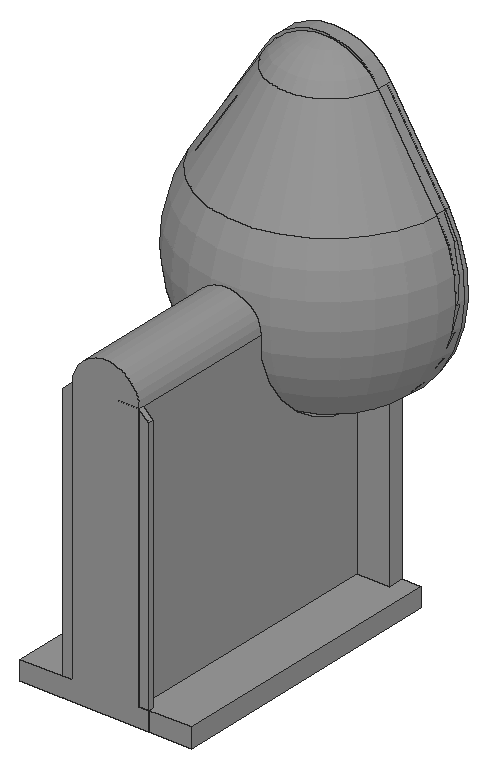
Revit family "Toilet-Willoughby-1490-HET-ETW-FM-TS", category Plumbing Fixtures, host Face, Revit 2014
Parameters (values of type "Standard")
  Waste DIA = 2 1/4"
  Waste Connection = yes
  W-RAD [instance] = Waste DIA / 2  # 0' - 1 1/8"
  Vent Connection = no
  URL = "www.willoughby-ind.com"
  Type Comments = ""
  Revision = "A"
  Model = "ETW-1490-HET-FM-TS"
  Manufacturer = "Willoughby Industries"
  HW Connection = no
  Flush inlet DIA = 1 1/2"
  Flush Inlet Connection = yes
  Fixture Body = Stainless Steel AISI 304-Willoughby
  F-RAD [instance] = Flush inlet DIA / 2  # 0' - 0 3/4"
  Description = "Floor Mounted Toilet"
  Default Elevation = 0' - 0"
  Contact Number = "(800) 428-4065"
  CW Connection = no
Reference planes (in)
  plane 1 "Base": y = -16.25
  plane 2: z = 0
  plane 3 "Center": x = 18.31072
  plane 4 "Waste height": y = -4.75
  plane 5: y = -1.25
  plane 6: y = -2.125
  plane 7: x = 16.56072
  plane 8: x = 20.06072
  plane 9: x = 13.81072
  plane 10: x = 22.81072
  plane 11: z = 2.70924
Forms (in)
  Extrusion 1, solid, material "Stainless Steel AISI 304-Willoughby" <- "Fixture Body"
    sketch origin (16.08109, 7.47968, -7.1422) x (-1, 0, 0) y (0, 0, -1)
      loop
        line (1.29775, -16.80087) -> (1.29775, -7.1422) -> (-5.72963, -7.1422) -> (-5.72963, -16.81676)
        arc (-5.72963, -16.81676) -> (-8.98136, -21.11843) -> (-8.21015, -26.45542) r 7
        line (-8.21015, -26.45542) -> (-5.16818, -31.31054)
        arc (-5.16818, -31.31054) -> (-2.20225, -32.95225) -> (0.76368, -31.31054) r 3.5
        line (0.76368, -31.31054) -> (3.80565, -26.45542)
        arc (3.80565, -26.45542) -> (4.5729, -21.10311) -> (1.29775, -16.80087) r 7
      loop
        arc (2.03989, -24.70557) -> (-2.20225, -18.23804) -> (-6.44438, -24.70557) r 4.625
        line (-6.44438, -24.70557) -> (-4.04125, -30.23842)
        arc (-4.04125, -30.23842) -> (-2.20225, -31.45225) -> (-0.36324, -30.23842) r 2
        line (-0.36324, -30.23842) -> (2.03989, -24.70557)
    from 8.72968 to 9.5
  Revolve 2, solid, material "Stainless Steel AISI 304-Willoughby" <- "Fixture Body"
    sketch origin (19.37981, -1.52032, -3.93365) x (-1, 0, 0) y (0, 0, -1)
      loop
        line (1.06174, -12.59906) -> (1.06174, -12.84906)
        arc (1.06174, -12.84906) -> (6.96784, -16.33096) -> (6.78077, -23.18447) r 6.75
        line (6.78077, -23.18447) -> (3.81535, -27.91457)
        arc (3.81535, -27.91457) -> (2.63527, -29.03194) -> (1.06174, -29.43826) r 3.25
        line (1.06174, -29.43826) -> (1.06174, -29.68826)
        arc (1.06174, -29.68826) -> (2.75672, -29.25045) -> (4.02767, -28.04656) r 3.5
        line (4.02767, -28.04656) -> (7.06964, -23.19143)
        arc (7.06964, -23.19143) -> (7.15052, -16.14555) -> (1.06174, -12.59906) r 7
      axis (1.06174, -12.59906) -> (1.06174, -29.68826)
    angle from 0 to -180
  Extrusion 3, solid, material "Stainless Steel AISI 304-Willoughby" <- "Fixture Body"
    sketch origin (19.53334, -3.02032, -4.9508) x (0, 1, 0) y (0, 0, 1)
      loop
        line (-5.27082, 4.9508) -> (1, 4.9508) -> (1, 13.76086)
        arc (1, 13.76086) -> (-2.93256, 15.26109) -> (-5.27082, 18.76086) r 6.92744
        line (-5.27082, 18.76086) -> (-5.27082, 4.9508)
    from 0.52738 to -2.97262
  Extrusion 4, solid, material "Stainless Steel AISI 304-Willoughby" <- "Fixture Body"
    sketch origin (0, 14.59309, 0) x (1, 0, 0) y (0, 1, 0)
      loop
        circle (18.31072, -19.34309) r 1.125
    from 5.5 to -3
  Extrusion 5, solid, material "Stainless Steel AISI 304-Willoughby" <- "Fixture Body"
    sketch origin (0, 1.11185, 0) x (1, 0, 0) y (0, 0, 1)
      loop
        circle (18.31072, 2.70924) r 0.75
    from 2.36185 to 1.42435
  Extrusion 6, solid, material "Stainless Steel AISI 304-Willoughby" <- "Fixture Body"
    sketch origin (0, -16.25, 0) x (1, 0, 0) y (0, 0, 1)
      loop
        line (22.81072, 0) -> (22.81072, 1) -> (13.81072, 1) -> (13.81072, 0) -> (22.81072, 0)
    from -15 to 0
  Extrusion 7, solid, material "Stainless Steel AISI 304-Willoughby" <- "Fixture Body"
    sketch origin (0, -16.25, 0) x (1, 0, 0) y (0, 0, 1)
      loop
        line (20.06072, 0) -> (20.06072, 14.90818)
        arc (20.06072, 14.90818) -> (18.31072, 16.65818) -> (16.56072, 14.90818) r 1.75
        line (16.56072, 14.90818) -> (16.56072, 0) -> (20.06072, 0)
    from 0 to -7.95886
  Extrusion 8, solid, material "Stainless Steel AISI 304-Willoughby" <- "Fixture Body"
    sketch origin (0, -16.25, 0) x (1, 0, 0) y (0, 0, 1)
      loop
        line (20.06072, 0) -> (20.56072, 0) -> (20.56072, 14.5) -> (20.06072, 15) -> (16.56072, 15) -> (16.06072, 14.5) -> (16.06072, 0) -> (16.56072, 0) -> (20.06072, 0)
    from 0 to -0.25
Cuts and joins
  joined: Extrusion 1, Extrusion 3, Extrusion 4, Extrusion 6, Extrusion 7
Lines and regions (in)
  symbolic lines
    curve 1: line (11.28334, -2.02032, 0) -> (11.28334, -1.25, 0)
    curve 2: line (11.28334, -1.25, 0) -> (25.28334, -1.25, 0)
    curve 3: line (25.28334, -1.25, 0) -> (25.28334, -2.02032, 0)
    curve 4: arc (25.28334, -2.02032, 0) -> (23.06866, -6.60631, 0) -> (18.31072, -8.42238, 0) r 6.89715
    curve 5: arc (18.31072, -8.42238, 0) -> (13.51718, -6.62621, 0) -> (11.28334, -2.02032, 0) r 6.89428
    curve 6: line (22.81072, -6.8316, 0) -> (22.81072, -16.25, 0)
    curve 7: line (22.81072, -16.25, 0) -> (13.81072, -16.25, 0)
    curve 8: line (13.81072, -16.25, 0) -> (13.81072, -6.87891, 0)
    curve 9: line (20.06072, -8.29114, 0) -> (20.06072, -16.25, 0)
    curve 10: line (16.56072, -8.23593, 0) -> (16.56072, -16.25, 0)
    curve 11: line (16.06072, -16.25, 0) -> (16.06072, -16, 0)
    curve 12: line (16.06072, -16, 0) -> (16.56072, -16, 0)
    curve 13: line (20.06072, -16, 0) -> (20.56072, -16, 0)
    curve 14: line (20.56072, -16, 0) -> (20.56072, -16.25, 0)
    curve 15: line (14.78334, -16.25, 9.65867) -> (14.78334, -16.25, 1)
    curve 16: line (14.78334, -16.25, 1) -> (13.81072, -16.25, 1)
    curve 17: line (13.81072, -16.25, 1) -> (13.81072, -16.25, 0)
    curve 18: line (13.81072, -16.25, 0) -> (22.81072, -16.25, 0)
    curve 19: line (22.81072, -16.25, 0) -> (22.81072, -16.25, 1)
    curve 20: line (22.81072, -16.25, 1) -> (21.81072, -16.25, 1)
    curve 21: line (21.81072, -16.25, 1) -> (21.81072, -16.25, 9.67456)
    curve 22: arc (21.81072, -16.25, 9.67456) -> (25.08628, -16.25, 13.93653) -> (24.32597, -16.25, 19.25778) r 6.92468
    curve 23: line (24.32597, -16.25, 19.25778) -> (21.24927, -16.25, 24.16835)
    curve 24: arc (21.24927, -16.25, 24.16835) -> (19.99256, -16.25, 25.34748) -> (18.31807, -16.25, 25.75461) r 3.3831
    curve 25: arc (18.31807, -16.25, 25.75461) -> (16.62899, -16.25, 25.31854) -> (15.31741, -16.25, 24.16835) r 3.76743
    curve 26: line (15.31741, -16.25, 24.16835) -> (12.35249, -16.25, 19.43905)
    curve 27: arc (12.35249, -16.25, 19.43905) -> (11.49002, -16.25, 14.03241) -> (14.78334, -16.25, 9.65867) r 7
    curve 33: line (18.31072, -8.4416, 16.65885) -> (18.31072, -16.25, 16.65885)
    curve 34: line (18.31072, -16.25, 16.65885) -> (18.31072, -16.25, 0)
    curve 35: line (18.31072, -16.25, 0) -> (18.31072, -1.25, 0)
    curve 36: line (18.31072, -1.25, 0) -> (18.31072, -1.25, 25.81005)
    curve 37: line (18.31072, -1.25, 25.81005) -> (18.31072, -2.02032, 25.81005)
    curve 38: arc (18.31072, -2.02032, 25.81005) -> (18.31072, -3.27203, 25.30829) -> (18.31072, -4.27172, 24.40322) r 3.82393
    curve 39: line (18.31072, -4.27172, 24.40322) -> (18.31072, -7.52822, 19.25778)
    curve 40: arc (18.31072, -7.52822, 19.25778) -> (18.31072, -8.13257, 18.01021) -> (18.31072, -8.4416, 16.65885) r 6.13902
    curve 41: arc (18.31072, -8.4416, 16.65885) -> (18.31072, -8.31052, 15.2374) -> (18.31072, -8.29114, 13.81005) r 18.21876
    curve 42: arc (18.31072, -8.29114, 13.81005) -> (18.31072, -5.95289, 10.31029) -> (18.31072, -2.02032, 8.81005) r 6.92744
    curve 43: line (18.31072, -1.25, 9.65867) -> (18.31072, -2.02032, 9.65867)
    curve 44: line (18.31072, -2.02032, 9.65867) -> (18.31072, -2.02032, 1)
    curve 45: line (18.31072, -2.02032, 1) -> (18.31072, -16.25, 1)
  symbolic lines, detail levels fine
    curve 28: arc (14.0412, -16.25, 17.56337) -> (18.28334, -16.25, 11.09585) -> (22.52547, -16.25, 17.56337) r 4.625
    curve 29: line (22.52547, -16.25, 17.56337) -> (20.12234, -16.25, 23.09622)
    curve 30: arc (20.12234, -16.25, 23.09622) -> (19.38317, -16.25, 23.97635) -> (18.28334, -16.25, 24.31005) r 2.01767
    curve 31: arc (18.28334, -16.25, 24.31005) -> (17.17969, -16.25, 23.98213) -> (16.44433, -16.25, 23.09622) r 1.9827
    curve 32: line (16.44433, -16.25, 23.09622) -> (14.0412, -16.25, 17.56337)
Dimensions and locks (in)
  plane 1 "Base" to plane 4 "Waste height" = 0' - 11 1/2"
  plane 1 "Base" to plane 5 = 1' - 3"
  plane 9 to plane 10 = 0' - 9"
  plane 9 to plane 3 "Center" = 0' - 4 1/2"
  "W-RAD": radius of Extrusion 4 sketch curve
  "F-RAD": radius of Extrusion 5 sketch curve
  aligned and locked: plane 2 to host face
  aligned and locked: level to host face
  aligned and locked: plane 3 "Center" to Extrusion 4 sketch curve
  aligned and locked: plane 4 "Waste height" to Extrusion 4 sketch curve
  aligned and locked: plane 3 "Center" to Extrusion 5 sketch curve
  aligned and locked: plane 11 to Extrusion 5 sketch curve
  aligned and locked: cut or joined group of Extrusion 1, Extrusion 3, Extrusion 4, Extrusion 6, Extrusion 7 to Extrusion 1  (x2)
  aligned and locked: Extrusion 1 to Revolve 2
Automatic sketch dimensions
  host sketch curve to host sketch curve = 3' - 6.61868"
  host sketch curve to host sketch curve = 2' - 8.61225"
  Extrusion 1 sketch curve to Extrusion 1 sketch curve = 0' - 0"  (x8)
  Extrusion 1 sketch curve to level = 0' - 0"
  plane 3 "Center" to Extrusion 1 sketch curve = 0' - 5.98052"
  Extrusion 1 sketch curve to Extrusion 1 sketch curve = 0' - 1.76576"  (x2)
  plane 3 "Center" to Extrusion 1 sketch curve = 0' - 3 1/2"
  plane 3 "Center" to Extrusion 1 sketch curve = 0' - 2.93855"
  Extrusion 1 sketch curve to Extrusion 1 sketch curve = 0' - 1.12693"  (x2)
  Extrusion 1 sketch curve to plane 3 "Center" = 0' - 0.02738"  (x2)
  Extrusion 1 sketch curve to plane 3 "Center" = 0' - 1.86639"
  Extrusion 1 sketch curve to plane 3 "Center" = 0' - 3.52738"
  Extrusion 1 sketch curve to plane 3 "Center" = 0' - 4 69/256"
  Extrusion 1 sketch curve to Extrusion 1 sketch curve = 0' - 9.65867"
  Extrusion 1 sketch curve to Extrusion 1 sketch curve = 0' - 0.01589"
  Extrusion 1 sketch curve to Extrusion 1 sketch curve = 0' - 6.06218"
  Extrusion 1 sketch curve to Extrusion 1 sketch curve = 0' - 1.74985"
  Extrusion 1 sketch curve to Extrusion 1 sketch curve = 0' - 4.74668"
  Extrusion 1 sketch curve to Extrusion 1 sketch curve = 0' - 0.78617"
  Extrusion 1 sketch curve to Extrusion 1 sketch curve = 0' - 1.07212"
  Revolve 2 sketch curve to Revolve 2 sketch curve = 0' - 0"  (x2)
  plane 3 "Center" to Revolve 2 sketch curve = 0' - 0.00736"  (x4)
  Revolve 2 sketch curve to plane 3 "Center" = 0' - 2.74625"
  Revolve 2 sketch curve to Revolve 2 sketch curve = 0' - 0.21232"
  Revolve 2 sketch curve to Revolve 2 sketch curve = 0' - 2.96542"
  Revolve 2 sketch curve to Revolve 2 sketch curve = 0' - 0.28887"
  level to Revolve 2 sketch curve = 2' - 1.75461"
  Revolve 2 sketch curve to Revolve 2 sketch curve = 0' - 0 1/4"
  Revolve 2 sketch curve to Revolve 2 sketch curve = 0' - 1.3917"
  Revolve 2 sketch curve to Revolve 2 sketch curve = 0' - 0.13199"
  Revolve 2 sketch curve to Revolve 2 sketch curve = 0' - 4.85513"
  Revolve 2 sketch curve to Revolve 2 sketch curve = 0' - 0.00696"
  Revolve 2 sketch curve to Revolve 2 sketch curve = 0' - 3 1/4"
  Revolve 2 sketch curve to Revolve 2 sketch curve = 0' - 3.3392"
  Revolve 2 sketch curve to Revolve 2 sketch curve = 0' - 2.4108"
  Extrusion 3 sketch curve to level = 0' - 0"
  plane 4 "Waste height" to Extrusion 3 sketch curve = 0' - 3.54114"
  plane 6 to Extrusion 3 sketch curve = 0' - 0.10468"
  plane 5 to Extrusion 3 sketch curve = 0' - 0.38413"
  Extrusion 3 sketch curve to Extrusion 3 sketch curve = 0' - 8.81005"
  Extrusion 3 sketch curve to Extrusion 3 sketch curve = 0' - 5"
  Extrusion 6 sketch curve to plane 9 = 0' - 0"
  Extrusion 6 sketch curve to plane 10 = 0' - 0"
  Extrusion 6 sketch curve to level = 0' - 0"
  level to Extrusion 6 sketch curve = 0' - 1"
  Extrusion 7 sketch curve to level = 0' - 0"
  Extrusion 7 sketch curve to plane 8 = 0' - 0"
  plane 11 to Extrusion 7 sketch curve = 1' - 0.19894"
  plane 7 to Extrusion 7 sketch curve = 0' - 0"
  Extrusion 8 sketch curve to level = 0' - 0"
  Extrusion 8 sketch curve to plane 7 = 0' - 0"  (x2)
  Extrusion 8 sketch curve to plane 8 = 0' - 0"  (x2)
  Extrusion 8 sketch curve to plane 7 = 0' - 0 1/2"
  plane 8 to Extrusion 8 sketch curve = 0' - 0 1/2"
  plane 11 to Extrusion 8 sketch curve = 0' - 11.79076"
  Extrusion 8 sketch curve to Extrusion 8 sketch curve = 0' - 0"
  Extrusion 8 sketch curve to Extrusion 8 sketch curve = 0' - 0 1/2"
  plane 5 to curve 1 = 0' - 0"
  curve 7 to plane 9 = 0' - 0"
  curve 10 to plane 7 = 0' - 0"
  curve 5 to plane 3 "Center" = 0' - 0"
  curve 13 to plane 8 = 0' - 0"
  plane 1 "Base" to curve 14 = 0' - 0"
  curve 6 to plane 10 = 0' - 0"
  plane 6 to curve 1 = 0' - 0.10468"
  curve 1 to plane 9 = 0' - 2.52738"
  curve 12 to plane 1 "Base" = 0' - 0 1/4"
  curve 12 to plane 7 = 0' - 0 1/2"
  curve 5 to plane 3 "Center" = 0' - 0.15058"
  plane 3 "Center" to curve 4 = 0' - 0.09322"
  plane 6 to curve 3 = 0' - 0.10468"
  plane 10 to curve 3 = 0' - 2.47262"
  plane 5 to curve 5 = 0' - 0.27974"
  plane 8 to curve 14 = 0' - 0 1/2"
  curve 13 to plane 1 "Base" = 0' - 0 1/4"
  curve 4 to curve 9 = 0' - 0.13124"
  curve 27 to curve 28 = 0' - 0"  (x2)
  curve 18 to level = 0' - 0"
  curve 18 to plane 9 = 0' - 0"
  curve 20 to plane 10 = 0' - 0"
  curve 26 to plane 9 = 0' - 1.45823"
  curve 16 to curve 15 = 0' - 0.97262"
  curve 26 to plane 7 = 0' - 1.24331"
  curve 30 to plane 3 "Center" = 0' - 0.03902"
  curve 30 to curve 31 = 0' - 0.0002"
  curve 28 to plane 3 "Center" = 0' - 0.02738"
  plane 3 "Center" to curve 24 = 0' - 0.07168"
  plane 3 "Center" to curve 22 = 0' - 0.07774"
  plane 3 "Center" to curve 25 = 0' - 0.07898"
  plane 8 to curve 29 = 0' - 0.06162"
  plane 8 to curve 23 = 0' - 1.18855"
  curve 20 to plane 10 = 0' - 1"
  curve 29 to plane 10 = 0' - 0.28525"
  plane 10 to curve 23 = 0' - 1.51526"
  level to curve 16 = 0' - 1"
  level to curve 20 = 0' - 1"
  plane 11 to curve 15 = 0' - 6.94943"
  plane 11 to curve 21 = 0' - 6.96532"
  curve 21 to curve 22 = 0' - 6.01991"
  curve 22 to curve 28 = 0' - 0.02637"
  curve 29 to curve 23 = 0' - 1.6944"
  curve 29 to curve 25 = 0' - 4.42449"
  curve 25 to curve 30 = 0' - 0.30456"
  curve 30 to curve 31 = 0' - 0.03496"
  curve 31 to curve 24 = 0' - 0.04474"
  curve 24 to curve 29 = 0' - 0.72411"
  curve 29 to curve 23 = 0' - 1.07212"
  curve 26 to curve 30 = 0' - 0.1417"
  plane 9 to curve 28 = 0' - 0 59/256"
  curve 32 to plane 7 = 0' - 0.11639"
  curve 31 to curve 30 = 0' - 0"
  curve 34 to plane 1 "Base" = 0' - 0"
  curve 36 to level = 0' - 0"
  curve 36 to plane 5 = 0' - 0"
  plane 1 "Base" to curve 41 = 0' - 10 65/256"
  plane 4 "Waste height" to curve 33 = 0' - 3.6916"
  curve 40 to curve 39 = 0' - 0.91338"
  curve 39 to plane 4 "Waste height" = 0' - 0.47828"
  curve 40 to plane 6 = 0' - 0.21582"
  plane 6 to curve 44 = 0' - 0.10468"
  plane 6 to curve 37 = 0' - 0.10468"
  plane 5 to curve 42 = 0' - 0.38413"
  curve 38 to plane 5 = 0' - 0.00435"
  plane 11 to curve 43 = 0' - 6.94943"
  plane 11 to curve 41 = 0' - 11.56724"
  curve 43 to curve 42 = 0' - 6.06805"
  curve 42 to curve 40 = 0' - 0.24801"
  curve 41 to curve 34 = 0' - 2.38237"
  curve 40 to curve 38 = 0' - 6.09068"
  curve 38 to curve 39 = 0' - 2.33781"
  curve 41 to curve 41 = 0' - 0.15046"
  level to curve 45 = 0' - 1"
Connectors (in)
  piping at (18.31072, -4.75, -3), diameter 2.25, driven by "W-RAD", driven by "Waste Connection"
    settings: on Extrusion 4, index 1, connector inside diameter 2 1/4", connector length 0' - 0", flow factor 0, pipe flow 0 GPM, pressure drop 0.00 psi, fitting loss kfactor 0, connector angle 0.00°, fixture units 0, engagement length 0' - 0", angle of deflection 0.00°, flow configuration 0, flow direction 2, fitting loss method 0, system type 16, joint type 0, gender type 0, connector reference index -1, connector utility 1, adjustable connector yes, is connector primary yes, connector description "Toilet Waste"
  piping at (18.31072, -0.3125, 2.70924), diameter 1.5, driven by "F-RAD", driven by "CW Connection"
    settings: on Extrusion 5, index 2, connector inside diameter 1 1/2", connector length 0' - 0", flow factor 0, pipe flow 0 GPM, pressure drop 0.00 psi, fitting loss kfactor 0, connector angle 0.00°, fixture units 0, engagement length 0' - 0", angle of deflection 0.00°, flow configuration 0, flow direction 1, fitting loss method 0, system type 20, joint type 0, gender type 0, connector reference index -1, connector utility 0, adjustable connector no, is connector primary no, connector description "Flush Inlet"
